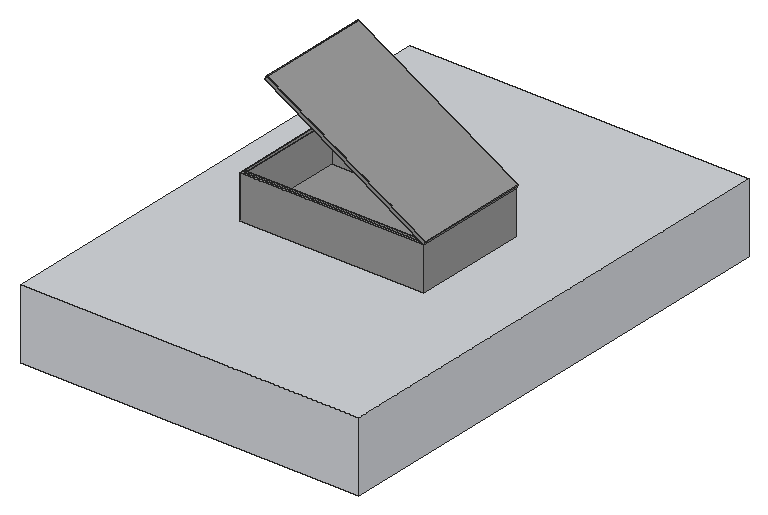
Revit family "Hager-Univers-IP44-D205-H500-Cl.I-encl-DE-de", category Equipement électrique, Revit 2020
Family settings
  Hôte = Face
  Configuration du panneau = Deux colonnes, circuits au sein
  Cote de connecteur circulaire = Utiliser le diamètre
  Type d'élément = Tableau de raccordement
  Couper avec des vides une fois chargée = Non
  Partagée = Non
  Point de calcul de pièce = Non
Parameters (values of type "Aufputz IP44 B800 H500 T205  - FP33TN2")
  Width Control [instance] = if([EF000008 - Breite] > Min Width, [EF000008 - Breite], Min Width)  # 800 mm
  Commentaires du type = [HG000003 - Bereich]  # "Univers"
  Thickness Door [instance] = if([EF009171 - Materialstärke Tür/Deckel] > 3 mm, 3 mm, [EF009171 - Materialstärke Tür/Deckel])  # 1 mm
  Seal Frame Offset [instance] = 17 mm  # constant formula
  Plinth Visibility [instance] = [HG000027 - Sockelhöhe] > 0 mm  # no
  Model = ""
  Min Width [instance] = 100 mm  # constant formula
  Min Height [instance] = 100 mm  # constant formula
  Min Depth [instance] = (2 * [EF009170 - Materialstärke Gehäuse]) + 1 mm  # 3 mm
  Internal Frame Depth [instance] = (Door System Depth * 0.5)  # 9 mm
  Height Control [instance] = if([EF000040 - Höhe] > Min Height, [EF000040 - Höhe], Min Height)  # 500 mm
  HG000027 - Sockelhöhe = 0 mm
  HG000026 - Stehend auf dem Boden = no
  HG000024 - Höhe des unteren Teils = 800 mm
  HG000023 - Gehäuse mit doppeltem Querschnitt = no
  HG000016 - 3D-Türsichtbarkeit [instance] = yes
  HG000015 - Sichtbarkeit der Türöffnung [instance] = no
  HG000014 - Tür rechts [instance] = yes
  HG000013 - Tür links [instance] = not([HG000014 - Tür rechts])  # no
  HG000012 - Türschwenkwinkel [instance] = 30.00°
  HG000010 - Asymmetrische Türen = no
  HG000009 - Doppelflügeligen Tür = no
  HG000006 - Unterputz = no
  HG000004 - Herstellerreferenz = "FP33TN2"
  HG000003 - Bereich = "Univers"
  HG000002 - Mit tür = yes
  Frame Offset Bottom [instance] = 10 mm  # constant formula
  Frame Offset [instance] = 15 mm  # constant formula
  EF015940 - Deckel mit Überdruckentlastung = no
  EF011959 - Schutzart (NEMA) = ""
  EF009554 - Anzahl der Öffnungen für Flanschplatten = 6
  Fabricant = "Hager"  # constant formula
  EF009212 - Ausführung Deckel = "EV000116 - geschlossen"
  EF009171 - Materialstärke Tür/Deckel = 1 mm
  EF009170 - Materialstärke Gehäuse = 1 mm
  EF008873 - Nennstrom (In) = 250 A
  EF007800 - Geeignet für Blitzschutz = no
  EF006306 - Mit Schloss = no
  EF006244 - Transparenter Deckel/Tür = no
  EF005474 - Schutzart (IP) = "EV006418 - IP44"
  EF004464 - Art der Tür = "EV002646 - Einzel"
  EF004427 - Anzahl der Module = 108
  EF004293 - Schlagfestigkeit = "EV006815 - IK09"
  EF003532 - Geeignet für Außengebrauch = no
  EF002950 - Breite in Teilungseinheiten = 36
  EF001613 - Funktionserhalt = "EV000494 - ohne"
  EF001596 - Werkstoff des Gehäuses = "EV000179 - Stahl"
  EF001131 - Innentiefe = 205 mm
  EF001088 - Anbaumöglichkeit = yes
  EF000437 - Anzahl der Leitungseinführungen = 6
  EF000339 - Art der Abdeckung = "EV001012 - Deckel"
  EF000266 - Anzahl der Reihen = 3
  EF000218 - Einbautiefe = 205 mm
  EF000118 - Mit Montageplatte = no
  EF000116 - RAL-Nummer = "9010"
  EF000049 - Tiefe = 205 mm
  EF000040 - Höhe = 500 mm
  EF000008 - Breite = 800 mm
  EF000007 - Farbe = "EV000202 - weiß"
  EF000003 - Montageart = "EV000384 - Aufputz"
  Door System Leaf Tolerance [instance] = 1.5 mm  # constant formula
  Door System Depth [instance] = 18 mm  # constant formula
  Door Height [instance] = Height Control - [HG000027 - Sockelhöhe]  # 500 mm
  Depth Control [instance] = if([EF000049 - Tiefe] > Min Depth, [EF000049 - Tiefe], Min Depth)  # 205 mm
  Default Elevation = 0 mm
  Connector Offset [instance] = Height Control / 2  # 250 mm
  Bottom Top Plate Trim [instance] = 1.5 mm  # constant formula
  Plinth height Ctrl [instance] = if([HG000027 - Sockelhöhe] > 0 mm, [HG000027 - Sockelhöhe], 12 mm)  # 12 mm
Types (9, lengths in mm): name | Width Control | HG000010 - Asymmetrische Türen | HG000009 - Doppelflügeligen Tür | HG000004 - Herstellerreferenz | EF009554 - Anzahl der Öffnungen für Flanschplatten | EF004464 - Art der Tür | EF004427 - Anzahl der Module | EF004293 - Schlagfestigkeit | EF002950 - Breite in Teilungseinheiten | EF000437 - Anzahl der Leitungseinführungen | EF000008 - Breite
  Aufputz IP44 B1050 H500 T205  - FP34TN2 | 1050 | no | yes | "FP34TN2" | 8 | "EV003602 - Doppel" | 144 | "EV006815 - IK09" | 48 | 8 | 1050
  Aufputz IP44 B1300 H500 T205  - FP35TN | 1300 | no | yes | "FP35TN" | 10 | "EV003602 - Doppel" | 180 | "EV006815 - IK09" | 60 | 10 | 1300
  Aufputz IP44 B1300 H500 T205  - FP35TN2 | 1300 | yes | yes | "FP35TN2" | 10 | "EV003602 - Doppel" | 180 | "EV006815 - IK09" | 60 | 10 | 1300
  Aufputz IP44 B300 H500 T205  - FP31TN | 300 | no | no | "FP31TN" | 2 | "EV002646 - Einzel" | 36 | "EV006813 - IK07" | 12 | 2 | 300
  Aufputz IP44 B300 H500 T205  - FP31TN2 | 300 | no | no | "FP31TN2" | 2 | "EV002646 - Einzel" | 36 | "EV006815 - IK09" | 12 | 2 | 300
  Aufputz IP44 B550 H500 T205  - FP32TN | 550 | no | no | "FP32TN" | 4 | "EV002646 - Einzel" | 72 | "EV006815 - IK09" | 24 | 4 | 550
  Aufputz IP44 B550 H500 T205  - FP32TN2 | 550 | no | no | "FP32TN2" | 4 | "EV002646 - Einzel" | 72 | "EV006815 - IK09" | 24 | 4 | 550
  Aufputz IP44 B800 H500 T205  - FP33TN | 800 | no | no | "FP33TN" | 6 | "EV002646 - Einzel" | 108 | "EV006815 - IK09" | 36 | 6 | 800
  Aufputz IP44 B800 H500 T205  - FP33TN2 | 800 | no | no | "FP33TN2" | 6 | "EV002646 - Einzel" | 108 | "EV006815 - IK09" | 36 | 6 | 800
Reference planes
  plane 1 "Center (Front/Back)": y = 0
  plane 2: z = 0
  plane 3 "Center (Left/Right)": x = 0
  plane 4: z = 205
  plane 5: y = 1
  plane 6: y = 250
  plane 7: y = 0
  plane 8: y = 500
  plane 9: z = 0
  plane 10: x = -385
  plane 11: x = 385
  plane 12: x = 384
  plane 13: x = -384
  plane 14: y = 499
  plane 15: x = -383
  plane 16: x = -400
  plane 17: x = 383
  plane 18: x = 400
  plane 19: x = 399
  plane 20: x = -399
  plane 21: y = 11
  plane 22: y = 500
  plane 23: y = 484
  plane 24: z = 187
  plane 25: z = 1
  plane 26: z = 186
  plane 27: z = 204
Forms (mm)
  Extrusion 1, solid
    sketch origin (0, 0, 0) x (1, 0, 0) y (0, 1, 0)
      loop
        line (-702.964, 1305) -> (-702.964, -811.445) -> (766.763, -811.445) -> (766.763, 1305) -> (-702.964, 1305)
    from 0 to -304.8
  Extrusion 2, solid, material "Hager_Steel_RAL7035_Light_Grey", visible <- "Plinth Visibility", detail levels medium+fine
    sketch origin (0, 0, 0) x (1, 0, 0) y (0, 1, 0)
      loop
        line (-400, 0) -> (400, 0) -> (400, 12) -> (-400, 12) -> (-400, 0)
    from 0 to 187
  Extrusion 3, solid, material "Hager_Steel_RAL7035_Light_Grey", detail levels medium+fine
    sketch origin (0, 0, 0) x (1, 0, 0) y (0, 1, 0)
      loop
        line (-400, 0) -> (400, 0) -> (400, 500) -> (-400, 500) -> (-400, 0)
    from 0 to 187
  Extrusion 4, void
    sketch origin (0, 0, 0) x (1, 0, 0) y (0, 1, 0)
      loop
        line (-399, 1) -> (399, 1) -> (399, 499) -> (-399, 499) -> (-399, 1)
    from 1 to 186
  Extrusion 5, void
    sketch origin (-381.607, -4572, 187) x (0, -1, 0) y (-1, 0, 0)
      loop
        line (-4583, 2.393) -> (-5056, 2.393) -> (-5056, -765.607) -> (-4583, -765.607) -> (-4583, 2.393)
    from 0 to 1 <- "EF009170 - Materialstärke Gehäuse"
  Extrusion 6, solid, material "Hager_Steel_RAL7035_Light_Grey", detail levels fine
    sketch origin (0, 0, 187) x (1, 0, 0) y (0, 1, 0)
      loop
        line (-384, 484) -> (-384, 11) -> (384, 11) -> (384, 484) -> (-384, 484)
      loop
        line (-385, 10) -> (385, 10) -> (385, 485) -> (-385, 485) -> (-385, 10)
    from 0 to 9 <- "Internal Frame Depth"
  Extrusion 7, solid, material "Hager_Steel_RAL7035_Light_Grey", detail levels coarse
    sketch origin (0, 0, 0) x (1, 0, 0) y (0, 1, 0)
      loop
        line (-400, 0) -> (400, 0) -> (400, 500) -> (-400, 500) -> (-400, 0)
    from 0 to 205
  Sweep 8, void
    path in 3D
      loop
        line (-400, 12, 0) -> (400, 12, 0) -> (400, 12, 187) -> (-400, 12, 187) -> (-400, 12, 0)
    profile origin (-400, 12, 93.5) x (-1, 0, 0) y (0, -1, 0)
      loop
        line (0, 0) -> (0, 1.5) -> (-1.5, 1.5)
        arc (-1.5, 1.5) -> (-1.061, 0.439) -> (0, 0) r 1.5
Cuts and joins
  Extrusion 4, Extrusion 5 cuts Extrusion 3
  Sweep 8 cuts Extrusion 2
Lines and regions (mm)
  Masking region 1
    outline origin (0, 0, 0) x (1, 0, 0) y (0, 0, 1)
      loop
        line (-400, 205) -> (-400, 0) -> (400, 0) -> (400, 205) -> (-400, 205)
  Masking region 2, detail levels medium+fine
    outline origin (0, 140, 0) x (0, 1, 0) y (0, 0, 1)
      loop
        line (-140, 0) -> (360, 0) -> (360, 187) -> (-140, 187) -> (-140, 0)
  Masking region 3, not visible, detail levels medium+fine
    outline origin (0, 297.922, 0) x (0, 1, 0) y (0, 0, 1)
      loop
        line (-36.422, 0) -> (3.578, 0) -> (3.578, 194)
        arc (3.578, 194) -> (0.649, 201.071) -> (-6.422, 204) r 10
        line (-6.422, 204) -> (-36.422, 204) -> (-36.422, 0)
  Masking region 4, detail levels coarse
    outline origin (0, 0, 180) x (0, 1, 0) y (0, 0, 1)
      loop
        line (0, -180) -> (500, -180) -> (500, 25) -> (0, 25) -> (0, -180)
  Masking region 5, visible <- "Plinth Visibility", detail levels medium+fine
    outline origin (0, 52.24, 12.345) x (0, 0, -1) y (0, 1, 0)
      loop
        line (10.845, -40.24) -> (-173.155, -40.24)
        arc (-173.155, -40.24) -> (-173.594, -41.301) -> (-174.655, -41.74) r 1.5
        line (-174.655, -41.74) -> (-174.655, -52.24) -> (12.345, -52.24) -> (12.345, -41.74)
        arc (12.345, -41.74) -> (11.285, -41.301) -> (10.845, -40.24) r 1.5
  Masking region 6, detail levels medium+fine
    outline origin (-381.607, -4572, 187) x (-1, 0, 0) y (0, -1, 0)
      loop
        line (18.393, -5072) -> (18.393, -4572) -> (-781.607, -4572) -> (-781.607, -5072) -> (18.393, -5072)
  Masking region 7, visible <- "Plinth Visibility", detail levels medium+fine
    outline origin (-381.607, -4727, 187) x (-1, 0, 0) y (0, -1, 0)
      loop
        arc (16.893, -4739) -> (17.332, -4737.939) -> (18.393, -4737.5) r 1.5
        line (18.393, -4737.5) -> (18.393, -4727) -> (-781.607, -4727) -> (-781.607, -4737.5)
        arc (-781.607, -4737.5) -> (-780.546, -4737.939) -> (-780.107, -4739) r 1.5
        line (-780.107, -4739) -> (16.893, -4739)
  Masking region 8, detail levels coarse
    outline origin (-442.548, -4669.526, 187) x (-1, 0, 0) y (0, -1, 0)
      loop
        line (-42.548, -5169.526) -> (-42.548, -4669.526) -> (-842.548, -4669.526) -> (-842.548, -5169.526) -> (-42.548, -5169.526)
  sketch lines
    curve 1: line (-400, 12, 187) -> (-400, 12, 0)
    curve 2: line (400, 12, 187) -> (-400, 12, 187)
    curve 3: line (400, 12, 187) -> (400, 12, 0)
    curve 4: line (-400, 12, 0) -> (400, 12, 0)
Dimensions and locks
  "Depth Control": plane 4 to Extrusion 1
  "HG000027 - Sockelhöhe": plane 1 "Center (Front/Back)" to plane 7
  "EF009170 - Materialstärke Gehäuse": plane 5 to plane 7
  locked: connector elem to plane 3 "Center (Left/Right)"
  equal spacing: plane 8, plane 6, plane 7
  locked: connector elem to plane 6
  "EF009170 - Materialstärke Gehäuse": plane 8 to plane 14
  "EF009170 - Materialstärke Gehäuse": plane 10 to plane 13
  "EF009170 - Materialstärke Gehäuse": plane 12 to plane 11
  "Frame Offset": plane 20 to plane 13
  "Frame Offset": plane 12 to plane 19
  "EF009170 - Materialstärke Gehäuse": plane 16 to plane 20
  "EF009170 - Materialstärke Gehäuse": plane 19 to plane 18
  "Seal Frame Offset": plane 16 to plane 15
  "Seal Frame Offset": plane 17 to plane 18
  "Frame Offset Bottom": plane 21 to plane 5
  "Frame Offset": plane 14 to plane 23
  equal spacing: plane 16, plane 3 "Center (Left/Right)", plane 18
  "Width Control": plane 16 to plane 18
  "EF009170 - Materialstärke Gehäuse": plane 4 to plane 27
  "EF009170 - Materialstärke Gehäuse": plane 24 to plane 26
  "EF009170 - Materialstärke Gehäuse": plane 25 to level
  "Door System Depth": plane 4 to plane 24
  "Height Control": plane 1 "Center (Front/Back)" to Extrusion 7 sketch curve
  "Height Control": Masking region 4 sketch curve to plane 1 "Center (Front/Back)"
  "Height Control": plane 1 "Center (Front/Back)" to plane 22
  "Bottom Top Plate Trim": profile plane to Sweep 8 sketch curve
  "Bottom Top Plate Trim": Sweep 8 sketch curve to profile plane
  "Plinth height Ctrl": plane 1 "Center (Front/Back)" to Extrusion 2 sketch curve
  "Plinth height Ctrl": Masking region 5 sketch curve to plane 1 "Center (Front/Back)"
  "Plinth height Ctrl": plane 1 "Center (Front/Back)" to Masking region 7 sketch curve
  "Thickness Door": Extrusion 6 sketch curve to Extrusion 6 sketch curve  (x3)
  "Thickness Door": cut or joined group of Extrusion 3, Extrusion 4, Extrusion 5 to Extrusion 6 sketch curve
  radius of Masking region 3 sketch curve = 10 mm
  "Bottom Top Plate Trim": radius of Masking region 5 sketch curve  (x2)
  "Bottom Top Plate Trim": radius of Sweep 8 sketch curve
  "Bottom Top Plate Trim": radius of Masking region 7 sketch curve  (x2)
  aligned and locked: plane 2 to Extrusion 1
  aligned and locked: level to Extrusion 1
  aligned and locked: level to Masking region 1 sketch curve
  aligned and locked: Masking region 1 sketch curve to plane 18
  aligned and locked: Masking region 1 sketch curve to plane 16
  aligned and locked: plane 7 to Masking region 2 sketch curve
  aligned and locked: level to Masking region 3 sketch curve
  aligned and locked: Masking region 3 sketch curve to plane 27
  aligned and locked: level to Masking region 2 sketch curve
  aligned and locked: plane 1 "Center (Front/Back)" to Extrusion 2 sketch curve
  aligned and locked: Extrusion 3 sketch curve to plane 7
  aligned and locked: plane 16 to Extrusion 3 sketch curve
  aligned and locked: plane 18 to Extrusion 3 sketch curve
  aligned and locked: plane 20 to Extrusion 4 sketch curve
  aligned and locked: plane 19 to Extrusion 4 sketch curve
  aligned and locked: Extrusion 4 sketch curve to plane 5
  aligned and locked: Extrusion 4 to plane 25
  aligned and locked: plane 26 to Extrusion 4
  aligned and locked: plane 24 to Extrusion 3
  aligned and locked: Extrusion 5 sketch curve to plane 21
  aligned and locked: Extrusion 5 sketch curve to plane 13
  aligned and locked: Extrusion 5 sketch curve to plane 12
  aligned and locked: plane 18 to Extrusion 7 sketch curve
  aligned and locked: plane 1 "Center (Front/Back)" to Extrusion 7 sketch curve
  aligned and locked: plane 16 to Extrusion 7 sketch curve
  aligned and locked: plane 4 to Extrusion 7
  aligned and locked: Extrusion 7 to level
  aligned and locked: level to Masking region 4 sketch curve
  aligned and locked: Masking region 4 sketch curve to plane 1 "Center (Front/Back)"
  aligned and locked: Masking region 4 sketch curve to plane 4
  aligned and locked: nested 1 to level
  aligned and locked: nested 1 to plane 16
  aligned and locked: plane 8 to Extrusion 3 sketch curve
  aligned and locked: plane 23 to Extrusion 5 sketch curve
  aligned and locked: plane 14 to Extrusion 4 sketch curve
  aligned and locked: Masking region 2 sketch curve to plane 8
  aligned and locked: level to Masking region 5 sketch curve
  aligned and locked: plane 16 to Extrusion 2 sketch curve
  aligned and locked: plane 18 to Extrusion 2 sketch curve
  aligned and locked: Masking region 5 sketch curve to plane 24
  aligned and locked: Masking region 2 sketch curve to plane 24
  aligned and locked: plane 24 to Extrusion 2
  aligned and locked: profile plane to Sweep 8 sketch curve  (x2)
  aligned and locked: Masking region 6 sketch curve to plane 18
  aligned and locked: Masking region 6 sketch curve to plane 22
  aligned and locked: Masking region 6 sketch curve to plane 16
  aligned and locked: plane 8 to plane 22
  aligned and locked: Masking region 6 sketch curve to plane 7
  aligned and locked: Masking region 7 sketch curve to plane 16
  aligned and locked: Masking region 7 sketch curve to plane 1 "Center (Front/Back)"
  aligned and locked: Masking region 7 sketch curve to plane 18
  aligned and locked: Masking region 8 sketch curve to plane 1 "Center (Front/Back)"
  aligned and locked: Masking region 8 sketch curve to plane 18
  aligned and locked: Masking region 8 sketch curve to plane 22
  aligned and locked: Masking region 8 sketch curve to plane 16
  aligned and locked: nested 2 to plane 7
  aligned and locked: plane 3 "Center (Left/Right)" to nested 2
  aligned and locked: nested 2 to plane 24
  aligned and locked: Extrusion 6 sketch curve to cut or joined group of Extrusion 3, Extrusion 4, Extrusion 5  (x4)
Automatic sketch dimensions
  Extrusion 1 sketch curve to Extrusion 1 sketch curve = 1469.727 mm
  Extrusion 1 sketch curve to Extrusion 1 sketch curve = 2116.445 mm
  Masking region 1 sketch curve to plane 4 = 0 mm
  plane 6 to Masking region 3 sketch curve = 11.5 mm
  Masking region 3 sketch curve to Masking region 3 sketch curve = 30 mm
  Masking region 5 sketch curve to plane 1 "Center (Front/Back)" = 0 mm
Nested families
  nested 1: "Hager_Enclosure_Symbol" at (-400, 0, 0) x (1, 0, 0) z (0, -1, 0), Height <- "Depth Control", Width <- "Width Control", type "Hager_Enclosure_Symbol"
    with Width_Ctrl 800 mm, Width 800 mm, Height_Ctrl 205 mm, Height 205 mm, A_Width_Int 13.453 mm, A_Width 161.438 mm, A_Height_Ctrl 179.375 mm, A_Height 179.375 mm
  nested 2: "EC000058_Univers_Door" at (0, 0, 187) x (1, 0, 0) z (0, 1, 0), Leaf_Tolerance <- "Door System Leaf Tolerance", Angle <- "HG000012 - Türschwenkwinkel", Door_Depth <- "Door System Depth", Door_Left <- "HG000013 - Tür links", Transparent <- "EF006244 - Transparenter Deckel/Tür", Assymetrical <- "HG000010 - Asymmetrische Türen", Width <- "Width Control", Clearance <- "HG000015 - Sichtbarkeit der Türöffnung", Double <- "HG000009 - Doppelflügeligen Tür", 3d_Door <- "HG000016 - 3D-Türsichtbarkeit", Lock_Visibility <- "EF006306 - Mit Schloss", Width_Ctrl <- "Width Control", Door_Right <- "HG000014 - Tür rechts", Door <- "HG000002 - Mit tür", Height <- "Door Height", Thickness <- "Thickness Door", type "EC000058_Univers_Door", detail levels medium+fine
    with min_wh 3 mm, Width_Ctrl 800 mm, Width 800 mm, Transparent no, Thickness 1 mm, Seal_Material Hager_Rubber, Lock_Visibility no, Lock_Material Hager_Plastic_RAL9005_Jet_Black, Leaf_Width 800 mm, Leaf_Tolerance_External_Sides 0 mm, Leaf_Tolerance 1.5 mm, Leaf_Offset 0 mm, Leaf_Height 497 mm, Leaf_2_Width 800 mm, Leaf_2_Offset 400 mm, Leaf_1_Width 800 mm, Leaf_1_Offset 400 mm, Height_Ctrl 500 mm, Height 500 mm, Glass_Material Hager_Glass, Double_Clearance_Ctrl no, Double no, Door_Right_Ctrl yes, Door_Right yes, Door_Material Hager_Steel_RAL7035_Light_Grey, Door_Left_Ctrl no, Door_Left no, Door_Depth 18 mm, Door yes, Clearance_Material Hager_Clearance, Clearance_Depth 800 mm, Clearance_Ctrl no, Clearance no, Assymetrical no, Angle 30.00°, 3d_Door yes
Connectors
  electrical at (0, 250, 0)
    settings: on plane 9, index 1, voltage 0 V, apparent load 0 VA, apparent load phase1 0 VA, apparent load phase2 0 VA, apparent load phase3 0 VA, power factor 1, load classification "Other", number of poles 1, system type 30, power factor state 1, is connector primary yes, connector utility no, sub classification motor no, connector description ""
Definition of nested family "EC000058_Univers_Door"
  Parameters (values of type "EC000058_Univers_Door")
    min_wh [instance] = (2 * Thickness) + 1 mm  # 11 mm
    Width_Ctrl [instance] = 400 mm
    Width [instance] = 500 mm
    Transparent [instance] = yes
    Thickness [instance] = 5 mm
    Seal_Material [instance] = none
    Lock_Visibility [instance] = yes
    Lock_Material [instance] = none
    Leaf_Width [instance] = if((Width_Ctrl - 2 * Leaf_Tolerance_External_Sides) > 0 mm, (Width_Ctrl - 2 * Leaf_Tolerance_External_Sides), min_wh)  # 400 mm
    Leaf_Tolerance_External_Sides [instance] = 0 mm  # constant formula
    Leaf_Tolerance [instance] = 1.5 mm
    Leaf_Offset [instance] = 0 mm  # constant formula
    Leaf_Height [instance] = if((Height_Ctrl - 2 * Leaf_Tolerance) > 0 mm, (Height_Ctrl - 2 * Leaf_Tolerance), min_wh)  # 497 mm
    Leaf_2_Width [instance] = if(and(and(Double, Assymetrical), Door_Left), (Leaf_Width / 3) - (Leaf_Tolerance / 2), if(and(and(Double, Assymetrical), Door_Right), (Leaf_Width / 3) * 2 - (Leaf_Tolerance / 2), if(and(Double, not(Assymetrical)), (Leaf_Width / 2) - Leaf_Tolerance, Leaf_Width)))  # 400 mm
    Leaf_2_Offset [instance] = if(and(Double, Assymetrical), Leaf_2_Width / 2, if(and(Double, not(Assymetrical)), Leaf_Width / 4, Leaf_Width / 2))  # 200 mm
    Leaf_1_Width [instance] = if(and(and(Double, Assymetrical), Door_Right), (Leaf_Width / 3) - (Leaf_Tolerance / 2), if(and(and(Double, Assymetrical), Door_Left), (Width / 3) * 2 - (Leaf_Tolerance / 2), if(and(Double, not(Assymetrical)), (Leaf_Width / 2) - Leaf_Tolerance, Leaf_Width)))  # 400 mm
    Leaf_1_Offset [instance] = if(and(Double, Assymetrical), Leaf_1_Width / 2, if(and(Double, not(Assymetrical)), Leaf_Width / 4, Leaf_Width / 2))  # 200 mm
    Height_Ctrl [instance] = if(Height > min_wh, Height, min_wh)  # 500 mm
    Height [instance] = 500 mm
    Glass_Material [instance] = none
    Double_Clearance_Ctrl [instance] = and(Double, Clearance)  # no
    Double [instance] = no
    Door_Right_Ctrl [instance] = and(or(Door_Right, Double), Door)  # yes
    Door_Right [instance] = yes
    Door_Material [instance] = none
    Door_Left_Ctrl [instance] = and(or(Door_Left, Double), Door)  # no
    Door_Left [instance] = no
    Door_Depth [instance] = 30 mm
    Door [instance] = yes
    Default Elevation = 1219.2 mm
    Clearance_Material [instance] = none
    Clearance_Depth [instance] = if(Leaf_1_Width > Leaf_2_Width, Leaf_1_Width, Leaf_2_Width)  # 400 mm
    Clearance_Ctrl [instance] = and(not(Double), Clearance)  # yes
    Clearance [instance] = yes
    Assymetrical [instance] = yes
    Angle [instance] = 30.00°
    3d_Door [instance] = yes
  Reference planes
    plane 1 "Center (Front/Back)": y = 0
    plane 2 "Bottom": z = 0
    plane 3 "Center (Left/Right)": x = 0
    plane 4: z = 500
    plane 5: x = -200
    plane 6: x = 200
    plane 7: z = 500
    plane 8: x = -200
    plane 9: z = 0
    plane 10: x = 200
    plane 11: y = 0
    plane 12: z = 1.5
    plane 13: x = -600
    plane 14: y = -400
    plane 15: x = 600
    plane 16: x = 0
    plane 17: x = 0
    plane 18: x = -200
    plane 19: x = 200
    plane 20: z = 498.5
  Forms (mm)
    Extrusion 1, solid, material <- "Clearance_Material", visible <- "Double_Clearance_Ctrl"
      sketch origin (1200, 0, 0) x (1, 0, 0) y (0, 0, -1)
        loop
          line (-1800, -498.5) -> (-600, -498.5) -> (-600, 0) -> (-1800, 0) -> (-1800, -498.5)
      from 0 to -400
  Dimensions and locks
    equal spacing: plane 5, plane 3 "Center (Left/Right)", plane 6
    "Width_Ctrl": plane 5 to plane 6
    "Leaf_Offset": plane 5 to plane 8
    "Leaf_Offset": plane 6 to plane 10
    "Leaf_Offset": plane 9 to level
    "Leaf_Offset": plane 4 to plane 7
    "Height_Ctrl": plane 4 to level
    "Leaf_Tolerance": plane 12 to plane 9
    locked: plane 11 to plane 1 "Center (Front/Back)"
    "Leaf_1_Offset": plane 18 to plane 16
    "Leaf_2_Offset": plane 17 to plane 19
    "Leaf_1_Width": plane 13 to plane 8
    "Leaf_2_Width": plane 10 to plane 15
    "Clearance_Depth": plane 14 to plane 1 "Center (Front/Back)"
    "Leaf_Tolerance_External_Sides": plane 8 to plane 18
    "Leaf_Tolerance_External_Sides": plane 19 to plane 10
    "Leaf_Tolerance": plane 7 to plane 20
    aligned and locked: level to plane 2 "Bottom"
    aligned and locked: nested 1 to plane 16
    aligned and locked: nested 2 to plane 17
    aligned and locked: Extrusion 1 to plane 13
    aligned and locked: plane 15 to Extrusion 1
    aligned and locked: Extrusion 1 to plane 14
    aligned and locked: plane 12 to nested 1
    aligned and locked: nested 2 to plane 12
    aligned and locked: Extrusion 1 to plane 11
    aligned and locked: plane 20 to Extrusion 1
    aligned and locked: nested 2 to plane 11
    aligned and locked: nested 1 to plane 11
  Automatic sketch dimensions
    Extrusion 1 sketch curve to level = 0 mm
    plane 5 to Extrusion 1 sketch curve = 400 mm
    plane 6 to Extrusion 1 sketch curve = 400 mm
    Extrusion 1 sketch curve to plane 4 = 1.5 mm
  Nested families
    nested 1: "EC000058_Univers_Door_Leaf" at (0, 0, 1.5), Width <- "Leaf_1_Width", visible <- "Door_Left_Ctrl", Leaf_Height <- "Leaf_Height", Angle <- "Angle", 3d_Door <- "3d_Door", Transparent <- "Transparent", Clearance Material <- "Clearance_Material", Clearance <- "Clearance_Ctrl", Door_Material <- "Door_Material", Glass_Material <- "Glass_Material", Door_Depth <- "Door_Depth", Lock_Material <- "Lock_Material", Seal_Material <- "Seal_Material", Lock_Visibility <- "Lock_Visibility", Thickness <- "Thickness", type "EC000058_Univers_Door_Leaf"
      with Width 400 mm, Transparent_Glass_Offset 30 mm, Transparent_Ctrl yes, Transparent yes, Thickness 5 mm, Standard no, Seal_Material none, Seal_D2 8 mm, Seal_D1 1 mm, Offset_Internal_Frame 10 mm, Lock_Width 20 mm, Lock_Visibility_3d yes, Lock_Visibility yes, Lock_Thickness_3 3 mm, Lock_Thickness_2 1 mm, Lock_Thickness_1 3 mm, Lock_Radius_Offset_2 16 mm, Lock_Radius_Offset_1 15 mm, Lock_Radius_2 5 mm, Lock_Radius 6 mm, Lock_Offset 5 mm, Lock_Material none, Lock_Height 80 mm, Lock_Cover_Top_Offset_2d 17 mm, Lock_Cover_Height -65 mm, Leaf_Height 497 mm, Internal_Seal_Thickness 8 mm, Internal_Seal_Depth_2 4.5 mm, Internal_Frame_Depth 25 mm, Glass_Thickness -1 mm, Glass_Offset -2 mm, Glass_Material none, Door_Material none, Door_Depth 30 mm, Clearance Material none, Clearance yes, Angle_Ctrl 30.00°, Angle 30.00°, 3d_Door yes
    nested 2: "EC000058_Univers_Door_Leaf" at (0, 0, 1.5) x (-1, 0, 0) z (0, 0, 1), Width <- "Leaf_2_Width", visible <- "Door_Right_Ctrl", Leaf_Height <- "Leaf_Height", Angle <- "Angle", 3d_Door <- "3d_Door", Transparent <- "Transparent", Clearance Material <- "Clearance_Material", Clearance <- "Clearance_Ctrl", Door_Material <- "Door_Material", Glass_Material <- "Glass_Material", Door_Depth <- "Door_Depth", Lock_Material <- "Lock_Material", Seal_Material <- "Seal_Material", Lock_Visibility <- "Lock_Visibility", Thickness <- "Thickness", type "EC000058_Univers_Door_Leaf"
      with Width 400 mm, Transparent_Glass_Offset 30 mm, Transparent_Ctrl yes, Transparent yes, Thickness 5 mm, Standard no, Seal_Material none, Seal_D2 8 mm, Seal_D1 1 mm, Offset_Internal_Frame 10 mm, Lock_Width 20 mm, Lock_Visibility_3d yes, Lock_Visibility yes, Lock_Thickness_3 3 mm, Lock_Thickness_2 1 mm, Lock_Thickness_1 3 mm, Lock_Radius_Offset_2 16 mm, Lock_Radius_Offset_1 15 mm, Lock_Radius_2 5 mm, Lock_Radius 6 mm, Lock_Offset 5 mm, Lock_Material none, Lock_Height 80 mm, Lock_Cover_Top_Offset_2d 17 mm, Lock_Cover_Height -65 mm, Leaf_Height 497 mm, Internal_Seal_Thickness 8 mm, Internal_Seal_Depth_2 4.5 mm, Internal_Frame_Depth 25 mm, Glass_Thickness -1 mm, Glass_Offset -2 mm, Glass_Material none, Door_Material none, Door_Depth 30 mm, Clearance Material none, Clearance yes, Angle_Ctrl 30.00°, Angle 30.00°, 3d_Door yes
  Definition of nested family "EC000058_Univers_Door_Leaf"
    Parameters (values of type "EC000058_Univers_Door_Leaf")
      Width [instance] = 2000 mm
      Transparent_Glass_Offset [instance] = 30 mm
      Transparent_Ctrl [instance] = and(Transparent, [3d_Door])  # yes
      Transparent [instance] = yes
      Thickness [instance] = 5 mm
      Standard [instance] = and(not(Transparent), [3d_Door])  # no
      Seal_Material [instance] = none
      Seal_D2 [instance] = 8 mm  # constant formula
      Seal_D1 [instance] = 1 mm  # constant formula
      Offset_Internal_Frame [instance] = 10 mm  # constant formula
      Lock_Width [instance] = 20 mm  # constant formula
      Lock_Visibility_3d [instance] = and(Lock_Visibility, [3d_Door])  # yes
      Lock_Visibility [instance] = yes
      Lock_Thickness_3 [instance] = 3 mm  # constant formula
      Lock_Thickness_2 [instance] = 1 mm  # constant formula
      Lock_Thickness_1 [instance] = 3 mm  # constant formula
      Lock_Radius_Offset_2 [instance] = Lock_Radius_Offset_1 + 1 mm  # 16 mm
      Lock_Radius_Offset_1 [instance] = 15 mm  # constant formula
      Lock_Radius_2 [instance] = Lock_Radius - 1 mm  # 5 mm
      Lock_Radius [instance] = 6 mm  # constant formula
      Lock_Offset [instance] = 5 mm  # constant formula
      Lock_Material [instance] = none
      Lock_Height [instance] = 80 mm  # constant formula
      Lock_Cover_Top_Offset_2d [instance] = Lock_Radius_Offset_2 + 1 mm  # 17 mm
      Lock_Cover_Height [instance] = -(Lock_Height - Lock_Radius_Offset_1)  # -65 mm
      Leaf_Height [instance] = 2720.336 mm
      Internal_Seal_Thickness [instance] = 8 mm  # constant formula
      Internal_Seal_Depth_2 [instance] = 4.5 mm  # constant formula
      Internal_Frame_Depth [instance] = if(Door_Depth - Thickness > 5 mm, Door_Depth - Thickness, 5 mm)  # 25 mm
      Glass_Thickness [instance] = if(Thickness > 15 mm, Glass_Offset + 10 mm, -1 mm)  # -1 mm
      Glass_Offset [instance] = if(Thickness > 15 mm, -(Thickness + 10 mm) / 2, -2 mm)  # -2 mm
      Glass_Material [instance] = none
      Door_Material [instance] = none
      Door_Depth [instance] = 30 mm
      Default Elevation = 0 mm
      Clearance Material [instance] = none
      Clearance [instance] = yes
      Angle_Ctrl [instance] = if(Angle > 180.00°, 180.00°, Angle)  # 90.00°
      Angle [instance] = 90.00°
      3d_Door [instance] = yes
    Reference planes
      plane 1 "Center (Front/Back)": y = 0
      plane 2: z = 0
      plane 3 "Center (Left/Right)": x = 0
      plane 4: y = 2000
      plane 5: x = -1000
      plane 6: x = 1000
      plane 7: x = -3000
      plane 8: z = 2720.336
      plane 9: z = 30
      plane 10: z = 2690.336
      plane 11: x = 970
      plane 12: x = -970
      plane 13: y = -3
      plane 14: z = 107.833
      plane 15: y = -5
      plane 16: y = -223.314
      plane 17: x = -1000
      plane 18: z = 1360.168
      plane 19: y = 30
    Forms (mm)
      Extrusion 1, solid, material <- "Clearance Material", visible <- "Clearance"
        sketch origin (0, 0, 0) x (1, 0, 0) y (0, 0, 1)
          loop
            line (-3000, 2720.336) -> (-3000, 0) -> (1000, 0) -> (1000, 2720.336) -> (-3000, 2720.336)
        from 0 to -2000
      Extrusion 2, solid, material <- "Door_Material", visible <- "Standard", detail levels medium+fine
        sketch origin (-1000, 0, 0) x (0, 1, 0) y (-1, 0, 0)
          loop
            line (0, 30) -> (0, 25) -> (2000, 25) -> (2000, 30) -> (0, 30)
        from 0 to 2720.336 <- "Leaf_Height"
      Extrusion 3, solid, material <- "Door_Material", visible <- "Transparent_Ctrl", detail levels medium+fine
        sketch origin (-1000, 0, 0) x (0, 1, 0) y (-1, 0, 0)
          loop
            line (0, 25) -> (2000, 25) -> (2000, 30) -> (0, 30) -> (0, 25)
        from 0 to 2720.336 <- "Leaf_Height"
      Extrusion 4, void
        sketch origin (-1025, 2000, 0) x (0, 1, 0) y (0, 0, -1)
          loop
            line (-30, -2690.336) -> (-30, -30) -> (-1970, -30) -> (-1970, -2690.336) -> (-30, -2690.336)
        from 0 to 5 <- "Thickness"
      Sweep 5, solid, material <- "Seal_Material", visible <- "Transparent_Ctrl", detail levels fine
        path in 3D
          loop
            line (-1025, 30, 30) -> (-1025, 30, 2690.336) -> (-1025, 1970, 2690.336) -> (-1025, 1970, 30) -> (-1025, 30, 30)
        profile origin (-1025, 1000, 30) x (1, 0, 0) y (0, 0, 1)
          loop
            line (0, 0) -> (0, -8) -> (1, -8) -> (1, 0) -> (0, 0)
      Extrusion 6, solid, material <- "Glass_Material", visible <- "Transparent_Ctrl", detail levels medium+fine
        sketch origin (-1030, 0, 0) x (0, 1, 0) y (0, 0, -1)
          loop
            line (1970, -2690.336) -> (1970, -30) -> (30, -30) -> (30, -2690.336) -> (1970, -2690.336)
        from -2 <- "Glass_Offset" to -1 <- "Glass_Thickness"
      Extrusion 7, solid, material <- "Door_Material", visible <- "3d_Door", detail levels medium+fine
        sketch origin (-1025, 2000, 0) x (0, -1, 0) y (0, 0, -1)
          loop
            line (0, -2720.336) -> (2000, -2720.336) -> (2000, 0) -> (0, 0) -> (0, -2720.336)
          loop
            line (1995, -5) -> (5, -5) -> (5, -2715.336) -> (1995, -2715.336) -> (1995, -5)
        from 0 to 25 <- "Internal_Frame_Depth"
      Sweep 8, solid, material <- "Seal_Material", visible <- "Transparent_Ctrl", detail levels fine
        path in 3D
          loop
            line (-1025, 0, 0) -> (-1025, 2000, 0) -> (-1025, 2000, 2720.336) -> (-1025, 0, 2720.336) -> (-1025, 0, 0)
        profile origin (-1025, 0, 1360.168) x (1, 0, 0) y (0, 1, 0)
          loop
            line (0, 10) -> (2.975, 10)
            arc (2.975, 10) -> (4.053, 10.447) -> (4.5, 11.525) r 1.525
            line (4.5, 11.525) -> (4.5, 16.527)
            arc (4.5, 16.527) -> (4.069, 17.569) -> (3.027, 18) r 1.473
            line (3.027, 18) -> (0, 18) -> (0, 10)
      Extrusion 9, solid, material <- "Lock_Material", visible <- "Lock_Visibility_3d", detail levels fine
        sketch origin (-1030, 0, 0) x (0, 1, 0) y (0, 0, -1)
          loop
            arc (1993.5, -1400.168) -> (1994.561, -1399.729) -> (1995, -1398.668) r 1.5
            line (1995, -1398.668) -> (1995, -1320.168) -> (1975, -1320.168) -> (1975, -1398.668)
            arc (1975, -1398.668) -> (1975.439, -1399.729) -> (1976.5, -1400.168) r 1.5
            line (1976.5, -1400.168) -> (1993.5, -1400.168)
        from 3 <- "Lock_Thickness_1" to 0
      Blend 10, solid, material <- "Lock_Material", visible <- "Lock_Visibility_3d", detail levels fine
        base sketch origin (-1033, 0, 0) x (0, 1, 0) y (0, 0, -1)
          loop
            line (1975, -1320.168) -> (1975, -1398.668)
            arc (1975, -1398.668) -> (1975.439, -1399.729) -> (1976.5, -1400.168) r 1.5
            line (1976.5, -1400.168) -> (1993.5, -1400.168)
            arc (1993.5, -1400.168) -> (1994.561, -1399.729) -> (1995, -1398.668) r 1.5
            line (1995, -1398.668) -> (1995, -1320.168) -> (1975, -1320.168)
        top sketch origin (-1033, 0, 0) x (0, 1, 0) y (0, 0, -1)
          loop
            line (1976, -1320.168) -> (1976, -1398.668)
            arc (1976, -1398.668) -> (1976.146, -1399.022) -> (1976.5, -1399.168) r 0.5
            line (1976.5, -1399.168) -> (1993.5, -1399.168)
            arc (1993.5, -1399.168) -> (1993.854, -1399.022) -> (1994, -1398.668) r 0.5
            line (1994, -1398.668) -> (1994, -1320.168) -> (1976, -1320.168)
        from 0 to 1 <- "Lock_Thickness_2"
      Blend 11, solid, material <- "Lock_Material", visible <- "Lock_Visibility_3d", detail levels fine
        base sketch origin (-1034, 0, 0) x (0, 1, 0) y (0, 0, -1)
          loop
            line (1978, -1320.168) -> (1978, -1384.168)
            arc (1978, -1384.168) -> (1985, -1391.168) -> (1992, -1384.168) r 7
            line (1992, -1384.168) -> (1992, -1320.168) -> (1978, -1320.168)
        top sketch origin (-1034, 0, 0) x (0, 1, 0) y (0, 0, -1)
          loop
            line (1991, -1320.168) -> (1979, -1320.168) -> (1979, -1383.168)
            arc (1979, -1383.168) -> (1985, -1389.168) -> (1991, -1383.168) r 6
            line (1991, -1383.168) -> (1991, -1320.168)
        from 0 to 3 <- "Lock_Thickness_3"
      Extrusion 12, solid, material <- "Lock_Material", visible <- "Lock_Visibility_3d", detail levels fine
        sketch origin (-1030, 1975, 1320.168) x (1, 0, 0) y (0, -1, 0)
          loop
            line (-7, -19) -> (-7, -1) -> (0, -1) -> (0, 0) -> (-8, 0) -> (-8, -20) -> (0, -20) -> (0, -19) -> (-7, -19)
        from 0 to -65 <- "Lock_Cover_Height"
      Extrusion 13, void
        sketch origin (-1038, 1995, 1320.168) x (-1, 0, 0) y (0, 0, -1)
          loop
            line (-5, -65) -> (0, -65) -> (-5, -60) -> (-5, -65)
        from 0 to 20 <- "Lock_Width"
      Extrusion 14, void
        sketch origin (-1038, 1975, 1320.168) x (0, -1, 0) y (0, 0, -1)
          loop
            circle (-10, -15.995) r 6
          loop
            circle (-10, -15.995) r 5
        from 0 to 2
      Extrusion 15, solid, material <- "Lock_Material", visible <- "Lock_Visibility_3d", detail levels medium
        sketch origin (-1030, 0, 0) x (0, 1, 0) y (0, 0, -1)
          loop
            arc (1993.5, -1400.168) -> (1994.561, -1399.729) -> (1995, -1398.668) r 1.5
            line (1995, -1398.668) -> (1995, -1320.168) -> (1975, -1320.168) -> (1975, -1398.668)
            arc (1975, -1398.668) -> (1975.439, -1399.729) -> (1976.5, -1400.168) r 1.5
            line (1976.5, -1400.168) -> (1993.5, -1400.168)
        from 8 to 0
    Cuts and joins
      Extrusion 4 cuts Extrusion 3
      Extrusion 13, Extrusion 14 cuts Extrusion 9
      Extrusion 14 cuts Blend 11
      Extrusion 13, Extrusion 14 cuts Extrusion 12
      joined: Extrusion 9, Blend 10, Blend 11, Extrusion 12
      Extrusion 14 cuts Extrusion 15
    Lines and regions (mm)
      Masking region 1, visible <- "Lock_Visibility", detail levels fine
        outline origin (0, 0, 0) x (0, 1, 0) y (0, 0, 1)
          loop
            line (30, 1320.168) -> (33, 1320.168) -> (33, 1400.168) -> (30, 1400.168) -> (30, 1320.168)
      Masking region 2, visible <- "Lock_Visibility", detail levels fine
        outline origin (0, 3.143, 0) x (0, 1, 0) y (0, 0, 1)
          loop
            line (29.857, 1354.168) -> (30.857, 1354.168) -> (30.857, 1366.168) -> (29.857, 1366.168) -> (29.857, 1354.168)
      Masking region 3, detail levels medium+fine
        outline origin (0, 0, 0) x (0, 1, 0) y (0, 0, 1)
          loop
            line (0, 0) -> (30, 0) -> (30, 2720.336) -> (0, 2720.336) -> (0, 0)
      Masking region 4, detail levels medium+fine
        outline origin (0, 0, 0) x (1, 0, 0) y (0, 0, 1)
          loop
            line (-1000, 2720.336) -> (-1000, 0) -> (1000, 0) -> (1000, 2720.336) -> (-1000, 2720.336)
      Masking region 5, visible <- "Lock_Visibility", detail levels fine
        outline origin (-47.116, 0, 0) x (1, 0, 0) y (0, 0, 1)
          loop
            arc (1024.616, 1399.168) -> (1023.556, 1398.729) -> (1023.116, 1397.668) r 1.5
            line (1023.116, 1397.668) -> (1023.116, 1320.168) -> (1041.116, 1320.168) -> (1041.116, 1397.668)
            arc (1041.116, 1397.668) -> (1040.677, 1398.729) -> (1039.616, 1399.168) r 1.5
            line (1039.616, 1399.168) -> (1024.616, 1399.168)
      Masking region 6, visible <- "Lock_Visibility", detail levels medium+fine
        outline origin (-25, 0, 0) x (1, 0, 0) y (0, 0, 1)
          loop
            arc (1001.5, 1400.168) -> (1000.439, 1399.729) -> (1000, 1398.668) r 1.5
            line (1000, 1398.668) -> (1000, 1320.168) -> (1020, 1320.168) -> (1020, 1398.668)
            arc (1020, 1398.668) -> (1019.561, 1399.729) -> (1018.5, 1400.168) r 1.5
            line (1018.5, 1400.168) -> (1001.5, 1400.168)
      Masking region 7, visible <- "Lock_Visibility", detail levels fine
        outline origin (-73.735, 0, 0) x (1, 0, 0) y (0, 0, 1)
          loop
            line (1051.735, 1382.168) -> (1065.735, 1382.168) -> (1065.735, 1384.168)
            arc (1065.735, 1384.168) -> (1058.735, 1391.168) -> (1051.735, 1384.168) r 7
            line (1051.735, 1384.168) -> (1051.735, 1382.168)
      Masking region 8, visible <- "Lock_Visibility", detail levels fine
        outline origin (-73.735, 0, 0) x (1, 0, 0) y (0, 0, 1)
          loop
            line (1052.735, 1382.168) -> (1064.735, 1382.168) -> (1064.735, 1383.168)
            arc (1064.735, 1383.168) -> (1058.735, 1389.168) -> (1052.735, 1383.168) r 6
            line (1052.735, 1383.168) -> (1052.735, 1382.168)
      Masking region 9, visible <- "Lock_Visibility", detail levels fine
        outline origin (-25, 0, 0) x (1, 0, 0) y (0, 0, 1)
          loop
            line (1020, 1320.168) -> (1020, 1382.168) -> (1000, 1382.168) -> (1000, 1320.168) -> (1020, 1320.168)
      Masking region 10, detail levels medium+fine
        outline origin (0, 0, 0) x (1, 0, 0) y (0, 0, 1)
          loop
            circle (985, 1335.144) r 6
      Masking region 11, detail levels fine
        outline origin (0, 0, 0) x (1, 0, 0) y (0, 0, 1)
          loop
            circle (985, 1335.144) r 5
      Masking region 12, visible <- "Lock_Visibility", detail levels fine
        outline origin (0, 12.767, 0) x (0, 1, 0) y (0, 0, 1)
          loop
            line (20.233, 1320.168) -> (21.233, 1320.168) -> (21.233, 1399.168) -> (20.233, 1400.168) -> (20.233, 1320.168)
      Masking region 13, visible <- "Lock_Visibility", detail levels fine
        outline origin (0, 13.767, -10) x (0, 1, 0) y (0, 0, 1)
          loop
            line (20.233, 1330.168) -> (23.233, 1330.168) -> (23.233, 1399.168) -> (20.233, 1402.168) -> (20.233, 1330.168)
      Masking region 14, visible <- "Lock_Visibility", detail levels fine
        outline origin (0, 12.767, -10) x (0, 1, 0) y (0, 0, 1)
          loop
            line (20.233, 1330.168) -> (25.233, 1330.168) -> (25.233, 1399.305) -> (20.233, 1394.305) -> (20.233, 1330.168)
      Masking region 15, visible <- "Lock_Visibility", detail levels medium
        outline origin (0, 0, 0) x (0, 1, 0) y (0, 0, 1)
          loop
            line (30, 1320.168) -> (38, 1320.168) -> (38, 1400.168) -> (30, 1400.168) -> (30, 1320.168)
      Masking region 16, visible <- "Lock_Visibility", detail levels fine
        outline origin (-1000, 0, 0) x (0, 1, 0) y (-1, 0, 0)
          loop
            line (1975, 30) -> (1995, 30) -> (1995, 38) -> (1975, 38) -> (1975, 30)
          loop
            line (1979, 37) -> (1976, 37) -> (1976, 34) -> (1978, 34) -> (1979, 37)
          loop
            line (1994, 37) -> (1991, 37) -> (1992, 34) -> (1994, 34) -> (1994, 37)
      Masking region 17, visible <- "Lock_Visibility", detail levels medium
        outline origin (-1000, 0, 0) x (0, 1, 0) y (-1, 0, 0)
          loop
            line (1975, 30) -> (1995, 30) -> (1995, 38) -> (1975, 38) -> (1975, 30)
      symbolic lines
        curve 1: line (1000, 0, 0) -> (-3000, 0, 0)
        curve 2: arc (1000, 0, 0) -> (-1000, 2000, 0) -> (-3000, 0, 0) r 2000
        curve 4: line (-1030, 0, 0) -> (-1030, 2000, 0)
      reference lines
        curve 3: line (-1000, 0, 0) -> (-1000, 2000, 0)
      symbolic lines, detail levels medium+fine
        curve 5: line (-1030, 2000, 0) -> (-1025, 2000, 0)
        curve 7: line (-1025, 0, 0) -> (-1030, 0, 0)
        curve 8: line (-1025, 0, 0) -> (-1000, 0, 0)
        curve 9: line (-1000, 0, 0) -> (-1000, 2000, 0)
        curve 10: line (-1000, 2000, 0) -> (-1025, 2000, 0)
      symbolic lines, detail levels fine
        curve 6: line (-1025, 2000, 0) -> (-1025, 0, 0)
      sketch lines
        curve 11: line (-1025, 0, 2720.336) -> (-1025, 0, 0)
        curve 12: line (-1025, 2000, 0) -> (-1025, 0, 0)
        curve 13: line (-1025, 2000, 2720.336) -> (-1025, 2000, 0)
        curve 14: line (-1025, 0, 2720.336) -> (-1025, 2000, 2720.336)
        curve 15: line (-1025, 1970, 30) -> (-1025, 30, 30)
        curve 16: line (-1025, 30, 30) -> (-1025, 30, 2690.336)
        curve 17: line (-1025, 1970, 2690.336) -> (-1025, 1970, 30)
        curve 18: line (-1025, 30, 2690.336) -> (-1025, 1970, 2690.336)
      symbolic lines, visible <- "Transparent", detail levels medium+fine
        curve 19: line (-970, 0, 2690.336) -> (970, 0, 2690.336)
        curve 20: line (-970, 0, 30) -> (-970, 0, 2690.336)
        curve 21: line (970, 0, 30) -> (-970, 0, 30)
        curve 22: line (970, 0, 2690.336) -> (970, 0, 30)
    Dimensions and locks
      "Width": plane 1 "Center (Front/Back)" to plane 4
      equal spacing: plane 5, plane 3 "Center (Left/Right)", plane 6
      "Width": plane 5 to plane 6
      "Width": plane 7 to plane 5
      "Leaf_Height": plane 8 to level
      "Width": curve 5 to curve 3
      "Width": curve 3 to curve 3
      plane 8 to plane 10 = 30 mm
      plane 9 to level = 30 mm
      plane 12 to plane 5 = 30 mm
      plane 6 to plane 11 = 30 mm
      Extrusion 1 to Extrusion 4 sketch curve = 30 mm
      "Transparent_Glass_Offset": curve 3 to Extrusion 4 sketch curve
      "Transparent_Glass_Offset": Extrusion 4 sketch curve to cut or joined group of Extrusion 3, Extrusion 4  (x2)
      cut or joined group of Extrusion 3, Extrusion 4 to Extrusion 6 sketch curve = 30 mm
      "Transparent_Glass_Offset": cut or joined group of Extrusion 3, Extrusion 4 to Extrusion 4 sketch curve
      "Thickness": curve 6 to curve 4
      "Thickness": Extrusion 7 sketch curve to Extrusion 7 sketch curve  (x4)
      "Door_Depth": curve 4 to curve 3
      "Offset_Internal_Frame": profile plane to Sweep 8 sketch curve
      "Internal_Seal_Thickness": Sweep 8 sketch curve to Sweep 8 sketch curve
      "Internal_Seal_Depth_2": profile plane to Sweep 8 sketch curve
      "Seal_D1": profile plane to Sweep 5 sketch curve
      "Seal_D2": profile plane to Sweep 5 sketch curve
      "Thickness": Extrusion 2 sketch curve to Extrusion 2 sketch curve
      equal spacing: Extrusion 9 sketch curve, plane 18, Extrusion 9 sketch curve  (x2)
      equal spacing: Masking region 1 sketch curve, plane 18, Masking region 1 sketch curve
      "Lock_Height": Masking region 1 sketch curve to Masking region 1 sketch curve
      "Lock_Radius": Masking region 2 sketch curve to plane 18 to Masking region 2 sketch curve
      Masking region 2 sketch curve to Masking region 1 = 1 mm
      "Door_Depth": plane 19 to plane 1 "Center (Front/Back)"
      "Lock_Thickness_1": Masking region 1 sketch curve to plane 19
      "Lock_Width": Extrusion 9 sketch curve to Extrusion 9 sketch curve
      "Lock_Height": Extrusion 9 sketch curve to Extrusion 9 sketch curve
      "Lock_Offset": cut or joined group of Extrusion 3, Extrusion 4 to Extrusion 9 sketch curve
      equal spacing: plane 8, plane 18, level
      "Lock_Radius_Offset_1": Blend 11 sketch curve to Blend 10
      locked: Blend 10 to Blend 11 sketch curve at 2  (x2)
      locked: var sketch to Blend 11 sketch curve at 1  (x2)
      "Lock_Radius_Offset_2": Blend 11 sketch curve to Blend 10
      locked: Extrusion 12 sketch curve to Extrusion 12 sketch curve at 1  (x3)
      Masking region 6 sketch curve to Masking region 6 sketch curve = 80 mm
      "Lock_Height": Masking region 6 sketch curve to Masking region 6 sketch curve
      "Lock_Width": Masking region 6 sketch curve to Masking region 6 sketch curve
      locked: Masking region 6 to Masking region 5 sketch curve at 1  (x3)
      locked: Masking region 5 to Masking region 7 sketch curve at 2  (x2)
      "Lock_Radius_Offset_1": Masking region 5 to Masking region 7 sketch curve
      "Lock_Radius_Offset_2": Masking region 5 to Masking region 8 sketch curve
      locked: Masking region 7 to Masking region 8 sketch curve at 1  (x2)
      "Lock_Cover_Top_Offset_2d": Masking region 5 to Masking region 9 sketch curve
      equal spacing: Masking region 9, Masking region 10 sketch curve, Masking region 9
      equal spacing: Masking region 9, Masking region 11 sketch curve, Masking region 9
      Extrusion 15 sketch curve to Extrusion 15 sketch curve = 80 mm
      "Lock_Width": Extrusion 15 sketch curve to Extrusion 15 sketch curve
      "Lock_Height": Extrusion 15 sketch curve to Extrusion 15 sketch curve
      equal spacing: Extrusion 15 sketch curve, plane 18, Extrusion 15 sketch curve
      "Lock_Thickness_3": Masking region 13 sketch curve to Masking region 13 sketch curve
      "Lock_Height": Masking region 12 sketch curve to Masking region 12 sketch curve
      locked: Masking region 13 sketch curve to Masking region 1 at 8
      locked: Masking region 14 sketch curve to Masking region 13 at 1
      locked: Masking region 14 sketch curve to Masking region 1 at 10.863
      "Lock_Height": Masking region 15 sketch curve to Masking region 15 sketch curve
      "Lock_Offset": Extrusion 15 sketch curve to cut or joined group of Extrusion 3, Extrusion 4
      "Lock_Offset": plane 6 to Masking region 6 sketch curve
      radius of Sweep 8 sketch curve = 1.525 mm
      radius of Sweep 8 sketch curve = 1.473 mm
      radius of Extrusion 9 sketch curve = 1.5 mm  (x2)
      "Lock_Radius": radius of Extrusion 14 sketch curve
      "Lock_Radius_2": radius of Extrusion 14 sketch curve
      "Lock_Radius": radius of Masking region 10 sketch curve
      "Lock_Radius_2": radius of Masking region 11 sketch curve
      radius of Extrusion 15 sketch curve = 1.5 mm  (x2)
      "Angle_Ctrl": angle plane 1 "Center (Front/Back)" to curve 3
      locked: Masking region 12 sketch curve to Masking region 12 sketch curve (angle 45.00°)
      locked: Masking region 13 sketch curve to Masking region 13 sketch curve (angle 45.00°)
      locked: Masking region 14 sketch curve to Masking region 14 sketch curve (angle 45.00°)
      aligned and locked: level to plane 2
      aligned and locked: Extrusion 1 to curve 1
      aligned and locked: plane 6 to Extrusion 1
      aligned and locked: Extrusion 1 to plane 1 "Center (Front/Back)"
      aligned and locked: plane 4 to Extrusion 1
      aligned and locked: plane 8 to Extrusion 1
      aligned and locked: curve 7 to Extrusion 2 sketch curve
      aligned and locked: curve 5 to Extrusion 2 sketch curve
      aligned and locked: curve 7 to Extrusion 3 sketch curve
      aligned and locked: Extrusion 3 sketch curve to curve 4
      aligned and locked: Extrusion 3 sketch curve to curve 6
      aligned and locked: Extrusion 3 sketch curve to curve 5
      aligned and locked: curve 9 to curve 3
      aligned and locked: Extrusion 7 sketch curve to cut or joined group of Extrusion 3, Extrusion 4  (x4)
      aligned and locked: plane 17 to curve 3
      aligned and locked: plane 1 "Center (Front/Back)" to curve 3
      aligned and locked: plane 17 to plane 5
      aligned and locked: Sweep 8 sketch curve to profile plane
      aligned and locked: Sweep 5 sketch curve to profile plane  (x2)
      aligned and locked: Masking region 1 to Masking region 2 sketch curve
      aligned and locked: plane 19 to Masking region 1 sketch curve
      aligned and locked: plane 1 "Center (Front/Back)" to Masking region 3 sketch curve
      aligned and locked: plane 19 to Masking region 3 sketch curve
      aligned and locked: level to Masking region 3 sketch curve
      aligned and locked: Masking region 3 sketch curve to plane 8
      aligned and locked: plane 17 to Masking region 4 sketch curve
      aligned and locked: level to Masking region 4 sketch curve
      aligned and locked: Masking region 4 sketch curve to plane 8
      aligned and locked: plane 12 to curve 20
      aligned and locked: plane 10 to curve 19
      aligned and locked: plane 11 to curve 22
      aligned and locked: curve 21 to plane 9
      aligned and locked: Extrusion 2 sketch curve to cut or joined group of Extrusion 3, Extrusion 4
      aligned and locked: Blend 10 sketch curve to Extrusion 9  (x4)
      aligned and locked: Extrusion 9 to Blend 10 sketch curve
      aligned and locked: Blend 10 to Blend 11 sketch curve
      aligned and locked: Extrusion 12 sketch curve to Blend 11
      aligned and locked: Extrusion 12 sketch curve to Extrusion 9  (x4)
      aligned and locked: Masking region 5 sketch curve to Masking region 6
      aligned and locked: Masking region 9 sketch curve to Masking region 6  (x3)
      aligned and locked: Masking region 12 sketch curve to Masking region 1
      aligned and locked: Masking region 13 sketch curve to Masking region 1
      aligned and locked: Masking region 12 to Masking region 14
      aligned and locked: Masking region 14 sketch curve to Masking region 1
      aligned and locked: Masking region 15 sketch curve to Masking region 14
      aligned and locked: Masking region 13 sketch curve to Masking region 12
      aligned and locked: Masking region 16 sketch curve to cut or joined group of Extrusion 14, Extrusion 15  (x4)
      aligned and locked: Masking region 16 sketch curve to cut or joined group of Extrusion 9, Blend 10, Blend 11, Extrusion 12, Extrusion 13, Extrusion 14  (x6)
      aligned and locked: cut or joined group of Extrusion 9, Blend 10, Blend 11, Extrusion 12, Extrusion 13, Extrusion 14 to Masking region 16 sketch curve
      aligned and locked: Masking region 17 sketch curve to cut or joined group of Extrusion 14, Extrusion 15  (x3)
      aligned and locked: Masking region 17 sketch curve to cut or joined group of Extrusion 9, Blend 10, Blend 11, Extrusion 12, Extrusion 13, Extrusion 14
      aligned and locked: Masking region 9 to Masking region 8 sketch curve
      aligned and locked: Masking region 9 to Masking region 7 sketch curve
    Automatic sketch dimensions
      plane 1 "Center (Front/Back)" to curve 2 = 0 mm
      curve 2 to plane 5 = 0 mm
      Extrusion 1 sketch curve to level = 0 mm
      Extrusion 1 sketch curve to plane 7 = 0 mm
      Extrusion 1 sketch curve to plane 6 = 0 mm
      Extrusion 1 sketch curve to plane 8 = 0 mm
      Extrusion 3 to Extrusion 6 sketch curve = 30 mm  (x4)
      Masking region 4 sketch curve to plane 6 = 0 mm
      Blend 10 sketch curve to Extrusion 9 = 1.5 mm
      Blend 10 sketch curve to Extrusion 9 = 1 mm
      Extrusion 13 sketch curve to Extrusion 12 = 0 mm  (x2)
      Extrusion 12 to Extrusion 13 sketch curve = 3 mm
      Extrusion 13 sketch curve to Extrusion 12 = 5 mm
      Extrusion 14 sketch curve to Extrusion 14 sketch curve = 0 mm  (x2)
      Extrusion 14 sketch curve to Extrusion 12 = 10 mm
      Extrusion 14 sketch curve to Extrusion 12 = 15.995 mm
      Masking region 5 sketch curve to Masking region 5 sketch curve = 1.5 mm  (x2)
      Masking region 10 sketch curve to plane 18 = 25.024 mm
      Masking region 11 sketch curve to plane 18 = 25.024 mm
      plane 19 to Masking region 14 sketch curve = 3 mm
      Masking region 16 sketch curve to Masking region 16 sketch curve = 3 mm
      curve 4 to curve 3 = 0 mm
      Blend 10 to Blend 11 sketch curve = 0 mm
      Masking region 6 sketch curve to Masking region 6 sketch curve = 1.5 mm  (x2)
      Masking region 6 sketch curve to plane 18 = 40 mm
      plane 19 to Masking region 12 sketch curve = 3 mm
      Masking region 12 sketch curve to Masking region 12 sketch curve = 1 mm
      Masking region 15 sketch curve to plane 19 = 0 mm
      Masking region 15 sketch curve to plane 18 = 40 mm
      radius of Blend 10 sketch curve to Extrusion 9 = 1 mm
Definition of nested family "Hager_Enclosure_Symbol"
  Parameters (values of type "Hager_Enclosure_Symbol")
    Width_Ctrl [instance] = if(Width > 1 mm, Width, 1 mm)  # 102.27 mm
    Width [instance] = 102.27 mm
    Height_Ctrl [instance] = if(Height > 1 mm, Height, 1 mm)  # 66.5 mm
    A_Width_Int [instance] = if(A_Width / 12 > 2 mm, A_Width / 12, 2 mm)  # 4.364 mm
    A_Width [instance] = if(A_Height_Ctrl * 0.9 > 2 mm, A_Height_Ctrl * 0.9, 2 mm)  # 52.369 mm
    A_Height_Ctrl [instance] = if(A_Height > 2 mm, A_Height, 2 mm)  # 58.188 mm
    Height [instance] = 66.5 mm
    A_Height [instance] = Height - (Height / 8)  # 58.188 mm
  Reference planes
    plane 1 "Centre (avant/arrière)": y = 0
    plane 2: z = 0
    plane 3 "Centre (gauche/droite)": x = 0
    plane 4: x = 52.369
    plane 5: y = 33.042
    plane 6: y = 41.77
    plane 7: y = 66.5
    plane 8: x = 26.184
    plane 9: y = 37.406
    plane 10: x = 102.27
    plane 11: y = 66.5
    plane 12: y = 8.313
  Lines and regions (mm)
    Filled region 1, type "Solid_Black", in view "Niveau de réf."
      outline origin (0, 0, 0) x (1, 0, 0) y (0, 1, 0)
        loop
          line (52.369, 66.5) -> (33.188, 54.536) -> (45.365, 45.006) -> (52.369, 66.5)
    Filled region 2, type "Solid_Black", in view "Niveau de réf."
      outline origin (0, 0, 0) x (1, 0, 0) y (0, 1, 0)
        loop
          line (0, 0) -> (102.27, 0) -> (102.27, 66.5) -> (0, 0)
    detail lines, in view "Niveau de réf."
      curve 1: line (0, 8.313, 0) -> (26.184, 41.77, 0)
      curve 2: line (26.184, 41.77, 0) -> (26.184, 33.042, 0)
      curve 3: line (26.184, 33.042, 0) -> (52.369, 66.5, 0)
  Dimensions and locks
    "A_Width": plane 3 "Centre (gauche/droite)" to plane 4
    equal spacing: plane 3 "Centre (gauche/droite)", plane 8, plane 4
    equal spacing: plane 6, plane 9, plane 5
    equal spacing: curve 3, Filled region 1 sketch curve, Filled region 1 sketch curve
    "Height_Ctrl": plane 1 "Centre (avant/arrière)" to plane 11
    "A_Height_Ctrl": plane 11 to plane 12
    equal spacing: plane 11, plane 9, plane 12
    "A_Width_Int": plane 6 to plane 9
    "Width_Ctrl": plane 3 "Centre (gauche/droite)" to plane 10
    angle Filled region 1 sketch curve to curve 3 = 20.00°
    angle curve 3 to Filled region 1 sketch curve = 20.00°
    locked: curve 3 to Filled region 1 sketch curve (angle 90.00°)
    aligned and locked: plane 10 to Filled region 2
    aligned and locked: plane 11 to Filled region 2 sketch curve
    aligned and locked: plane 10 to Filled region 2 sketch curve
    aligned and locked: plane 3 "Centre (gauche/droite)" to curve 1
    aligned and locked: plane 12 to curve 1
    aligned and locked: plane 7 to plane 11
  Automatic sketch dimensions
    Filled region 1 sketch curve to plane 4 = 0 mm
    Filled region 1 sketch curve to plane 7 = 0 mm
    plane 1 "Centre (avant/arrière)" to Filled region 2 sketch curve = 0 mm
    Filled region 2 sketch curve to plane 3 "Centre (gauche/droite)" = 0 mm
    curve 2 to plane 6 = 0 mm
    curve 2 to plane 8 = 0 mm
    curve 3 to plane 4 = 0 mm
    curve 2 to plane 5 = 0 mm
    curve 3 to plane 7 = 0 mm
